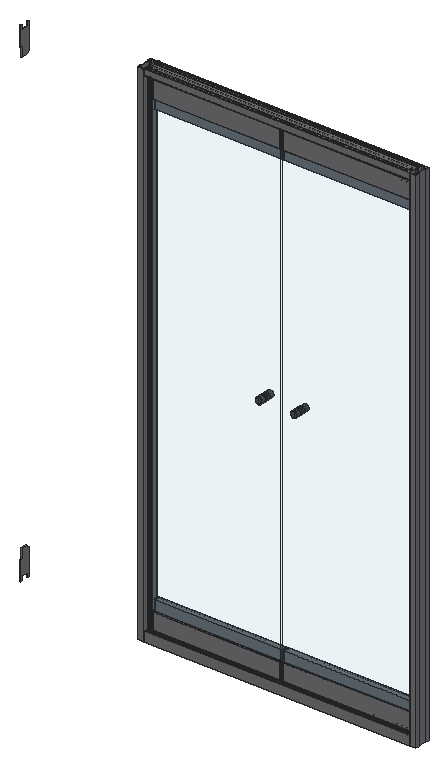
Revit family "QFL2 2380", category Doors, host Wall, Revit 2024
Family settings
  Host = Wall
  OmniClass Number = 23.30.10.00
  OmniClass Title = Doors
  Always vertical = Yes
  Cut with Voids When Loaded = No
  Shared = No
  Room Calculation Point = No
Parameters
  Function = Interior
  Frame Projection Ext. = 25 mm
  Frame Projection Int. = 25 mm
  Frame Width = 75 mm
  Height = 2383 mm
  Wall Closure = By host
  Width = 1292 mm
  Define Thermal Properties by = Schematic Type
  Analytic Construction = "<None>"
Reference planes
  plane 1: y = 0
  plane 2 "Center (Left/Right)": x = 0
  plane 3 "Left": x = -646
  plane 4 "Right": x = 646
  plane 5: z = 2383
  plane 6 "Exterior": y = 75
  plane 7 "Interior": y = -75
Forms (mm)
  Extrusion 1, solid, material "ALUMINIUM CHAR (TEST)"
    sketch origin (-0.37, 0, 0) x (1, 0, 0) y (0, 1, 0)
      loop
        line (646.37, 37.5) -> (616.37, 37.5) -> (616.37, 34.4) -> (617.37, 34.4) -> (617.37, 35.9) -> (618.87, 35.9) -> (618.87, 28.3) -> (617.37, 28.3) -> (617.37, 29.8) -> (616.37, 29.8) -> (616.37, 1.2) -> (617.37, 1.2) -> (617.37, 2.7) -> (618.87, 2.7) -> (618.87, -4.9) -> (617.37, -4.9) -> (617.37, -3.4) -> (616.37, -3.4) -> (616.37, -13.1) -> (612.37, -13.1) -> (612.37, -11)
        arc (612.37, -11) -> (612.224, -10.646) -> (611.87, -10.5) r 0.5
        line (611.87, -10.5) -> (609.12, -10.5) -> (609.12, -11.5) -> (610.72, -11.5) -> (610.72, -13.1) -> (603.02, -13.1) -> (603.02, -11.5) -> (604.62, -11.5) -> (604.62, -10.5) -> (601.87, -10.5)
        arc (601.87, -10.5) -> (601.517, -10.646) -> (601.37, -11) r 0.5
        line (601.37, -11) -> (601.37, -14.4)
        arc (601.37, -14.4) -> (601.517, -14.754) -> (601.87, -14.9) r 0.5
        line (601.87, -14.9) -> (616.37, -14.9) -> (616.37, -37.5) -> (646.37, -37.5) -> (646.37, -22) -> (644.87, -22) -> (644.87, -24.5) -> (641.87, -24.5) -> (641.87, 24.5) -> (644.87, 24.5) -> (644.87, 22) -> (646.37, 22) -> (646.37, 37.5)
      loop
        line (644.37, 26.3) -> (644.37, 35.5) -> (620.67, 35.5) -> (620.67, 27.7)
        arc (620.67, 27.7) -> (620.377, 26.993) -> (619.67, 26.7) r 1
        line (619.67, 26.7) -> (618.37, 26.7) -> (618.37, 4.3) -> (619.67, 4.3)
        arc (619.67, 4.3) -> (620.377, 4.007) -> (620.67, 3.3) r 1
        line (620.67, 3.3) -> (620.67, -5.5)
        arc (620.67, -5.5) -> (620.377, -6.207) -> (619.67, -6.5) r 1
        line (619.67, -6.5) -> (618.17, -6.5) -> (618.17, -35.5) -> (644.37, -35.5) -> (644.37, -26.3) -> (641.47, -26.3)
        arc (641.47, -26.3) -> (640.48, -25.89) -> (640.07, -24.9) r 1.4
        line (640.07, -24.9) -> (640.07, 24.9)
        arc (640.07, 24.9) -> (640.48, 25.89) -> (641.47, 26.3) r 1.4
        line (641.47, 26.3) -> (644.37, 26.3)
      loop
        line (-645.63, 37.5) -> (-645.63, 22) -> (-644.13, 22) -> (-644.13, 24.5) -> (-641.13, 24.5) -> (-641.13, -24.5) -> (-644.13, -24.5) -> (-644.13, -22) -> (-645.63, -22) -> (-645.63, -37.5) -> (-615.63, -37.5) -> (-615.63, -14.9) -> (-601.13, -14.9)
        arc (-601.13, -14.9) -> (-600.776, -14.754) -> (-600.63, -14.4) r 0.5
        line (-600.63, -14.4) -> (-600.63, -11)
        arc (-600.63, -11) -> (-600.776, -10.646) -> (-601.13, -10.5) r 0.5
        line (-601.13, -10.5) -> (-603.88, -10.5) -> (-603.88, -11.5) -> (-602.28, -11.5) -> (-602.28, -13.1) -> (-609.98, -13.1) -> (-609.98, -11.5) -> (-608.38, -11.5) -> (-608.38, -10.5) -> (-611.13, -10.5)
        arc (-611.13, -10.5) -> (-611.483, -10.646) -> (-611.63, -11) r 0.5
        line (-611.63, -11) -> (-611.63, -13.1) -> (-615.63, -13.1) -> (-615.63, -3.4) -> (-616.63, -3.4) -> (-616.63, -4.9) -> (-618.13, -4.9) -> (-618.13, 2.7) -> (-616.63, 2.7) -> (-616.63, 1.2) -> (-615.63, 1.2) -> (-615.63, 29.8) -> (-616.63, 29.8) -> (-616.63, 28.3) -> (-618.13, 28.3) -> (-618.13, 35.9) -> (-616.63, 35.9) -> (-616.63, 34.4) -> (-615.63, 34.4) -> (-615.63, 37.5) -> (-645.63, 37.5)
      loop
        line (-643.63, 26.3) -> (-640.73, 26.3)
        arc (-640.73, 26.3) -> (-639.74, 25.89) -> (-639.33, 24.9) r 1.4
        line (-639.33, 24.9) -> (-639.33, -24.9)
        arc (-639.33, -24.9) -> (-639.74, -25.89) -> (-640.73, -26.3) r 1.4
        line (-640.73, -26.3) -> (-643.63, -26.3) -> (-643.63, -35.5) -> (-617.43, -35.5) -> (-617.43, -6.5) -> (-618.93, -6.5)
        arc (-618.93, -6.5) -> (-619.637, -6.207) -> (-619.93, -5.5) r 1
        line (-619.93, -5.5) -> (-619.93, 3.3)
        arc (-619.93, 3.3) -> (-619.637, 4.007) -> (-618.93, 4.3) r 1
        line (-618.93, 4.3) -> (-617.63, 4.3) -> (-617.63, 26.7) -> (-618.93, 26.7)
        arc (-618.93, 26.7) -> (-619.637, 26.993) -> (-619.93, 27.7) r 1
        line (-619.93, 27.7) -> (-619.93, 35.5) -> (-643.63, 35.5) -> (-643.63, 26.3)
    from 0 to 2383
  Extrusion 2, solid, material "ALUMINIUM CHAR (TEST)"
    sketch origin (-943.37, 0, 0) x (0, -1, 0) y (0, 0, 1)
      loop
        line (-36.55, 18) -> (-36.55, 20.5) -> (-37.5, 20.5) -> (-37.5, 0) -> (-35.5, 0) -> (-35.5, 2) -> (-13.5, 2) -> (-13.5, 0) -> (-11.5, 0) -> (-11.5, 2) -> (10.5, 2) -> (10.5, 0) -> (12.5, 0) -> (12.5, 2) -> (35.5, 2) -> (35.5, 0) -> (37.5, 0) -> (37.5, 44.5)
        arc (37.5, 44.5) -> (37.354, 44.854) -> (37, 45) r 0.5
        line (37, 45) -> (32.199, 45) -> (31.492, 44.5) -> (26.524, 44.5) -> (25.817, 45) -> (22.199, 45) -> (21.492, 44.5) -> (16.524, 44.5) -> (15.817, 44.999) -> (11.001, 44.999)
        arc (11.001, 44.999) -> (10.648, 44.853) -> (10.502, 44.501) r 0.499
        line (10.502, 44.501) -> (10.502, 41.75) -> (11.5, 41.75) -> (11.5, 43.35) -> (13.1, 43.35) -> (13.1, 35.65) -> (11.5, 35.65) -> (11.5, 37.25) -> (10.5, 37.25) -> (10.5, 11.9)
        arc (10.5, 11.9) -> (10.061, 10.839) -> (9, 10.4) r 1.5
        line (9, 10.4) -> (3, 10.4)
        arc (3, 10.4) -> (1.939, 10.839) -> (1.5, 11.9) r 1.5
        line (1.5, 11.9) -> (1.5, 20)
        arc (1.5, 20) -> (0.851, 21.475) -> (-0.674, 21.992) r 2
        line (-0.674, 21.992) -> (-9.95, 20.504) -> (-9.95, 18) -> (-36.55, 18)
      loop
        line (10.5, 4.2) -> (10.5, 8.4) -> (3, 8.4)
        arc (3, 8.4) -> (0.525, 9.425) -> (-0.5, 11.9) r 3.5
        line (-0.5, 11.9) -> (-0.5, 20.057) -> (-7.95, 18.629) -> (-7.95, 16) -> (-35.5, 16) -> (-35.5, 4.2) -> (10.5, 4.2)
      loop
        line (12.5, 4.2) -> (35.5, 4.2) -> (35.5, 43) -> (15.1, 43) -> (15.1, 34) -> (12.5, 34) -> (12.5, 4.2)
      loop
        arc (-37.5, 2354) -> (-37.207, 2353.293) -> (-36.5, 2353) r 1
        line (-36.5, 2353) -> (-34.25, 2353) -> (-34.25, 2354) -> (-35.85, 2354) -> (-35.85, 2355.6) -> (-28.15, 2355.6) -> (-28.15, 2354) -> (-29.75, 2354) -> (-29.75, 2353) -> (-25.9, 2353)
        arc (-25.9, 2353) -> (-24.486, 2353.586) -> (-23.9, 2355) r 2
        line (-23.9, 2355) -> (-23.9, 2376.2)
        arc (-23.9, 2376.2) -> (-23.754, 2376.554) -> (-23.4, 2376.7) r 0.5
        line (-23.4, 2376.7) -> (-6.85, 2376.7) -> (-6.85, 2355)
        arc (-6.85, 2355) -> (-6.264, 2353.586) -> (-4.85, 2353) r 2
        line (-4.85, 2353) -> (13.1, 2353) -> (13.1, 2349) -> (11, 2349)
        arc (11, 2349) -> (10.646, 2348.854) -> (10.5, 2348.5) r 0.5
        line (10.5, 2348.5) -> (10.5, 2345.75) -> (11.5, 2345.75) -> (11.5, 2347.35) -> (13.1, 2347.35) -> (13.1, 2339.65) -> (11.5, 2339.65) -> (11.5, 2341.25) -> (10.5, 2341.25) -> (10.5, 2338.5)
        arc (10.5, 2338.5) -> (10.646, 2338.146) -> (11, 2338) r 0.5
        line (11, 2338) -> (14.4, 2338)
        arc (14.4, 2338) -> (14.754, 2338.146) -> (14.9, 2338.5) r 0.5
        line (14.9, 2338.5) -> (14.9, 2353) -> (36.5, 2353)
        arc (36.5, 2353) -> (37.207, 2353.293) -> (37.5, 2354) r 1
        line (37.5, 2354) -> (37.5, 2383) -> (22, 2383) -> (22, 2381.5) -> (24.5, 2381.5) -> (24.5, 2378.5) -> (-24.5, 2378.5) -> (-24.5, 2381.5) -> (-22, 2381.5) -> (-22, 2383) -> (-25.4, 2383)
        arc (-25.4, 2383) -> (-26.107, 2382.707) -> (-26.4, 2382) r 1
        line (-26.4, 2382) -> (-26.4, 2370.5)
        arc (-26.4, 2370.5) -> (-26.546, 2370.146) -> (-26.9, 2370) r 0.5
        line (-26.9, 2370) -> (-35, 2370)
        arc (-35, 2370) -> (-35.354, 2370.146) -> (-35.5, 2370.5) r 0.5
        line (-35.5, 2370.5) -> (-35.5, 2380.5)
        arc (-35.5, 2380.5) -> (-35.354, 2380.854) -> (-35, 2381) r 0.5
        line (-35, 2381) -> (-33.5, 2381) -> (-33.5, 2383) -> (-36.5, 2383)
        arc (-36.5, 2383) -> (-37.207, 2382.707) -> (-37.5, 2382) r 1
        line (-37.5, 2382) -> (-37.5, 2354)
      loop
        line (35.5, 2355) -> (35.5, 2381) -> (26.3, 2381) -> (26.3, 2378.1)
        arc (26.3, 2378.1) -> (25.89, 2377.11) -> (24.9, 2376.7) r 1.4
        line (24.9, 2376.7) -> (-4.85, 2376.7) -> (-4.85, 2355.5)
        arc (-4.85, 2355.5) -> (-4.704, 2355.146) -> (-4.35, 2355) r 0.5
        line (-4.35, 2355) -> (35.5, 2355)
      loop
        line (-26.4, 2357.2) -> (-26.4, 2367.5)
        arc (-26.4, 2367.5) -> (-26.546, 2367.854) -> (-26.9, 2368) r 0.5
        line (-26.9, 2368) -> (-35, 2368)
        arc (-35, 2368) -> (-35.354, 2367.854) -> (-35.5, 2367.5) r 0.5
        line (-35.5, 2367.5) -> (-35.5, 2357.2) -> (-26.4, 2357.2)
    from -1559.37 to -327.37
  Extrusion 3, solid, material "ALUMINIUM CHAR (TEST)"
    sketch origin (-1209, 0, 0) x (0, -1, 0) y (0, 0, 1)
      loop
        line (-33.496, 156) -> (-33.496, 31) -> (-28.596, 31) -> (-28.596, 51) -> (5.604, 51) -> (5.604, 31) -> (10.504, 31) -> (10.504, 121) -> (2.504, 121) -> (2.504, 166) -> (-23.496, 166) -> (-33.496, 156)
      loop
        line (-33.496, 2344) -> (-33.496, 2219) -> (-23.496, 2209) -> (2.504, 2209) -> (2.504, 2254) -> (10.504, 2254) -> (10.504, 2344) -> (5.604, 2344) -> (5.604, 2324) -> (-28.596, 2324) -> (-28.596, 2344) -> (-33.496, 2344)
    from 0 to 5
  Extrusion 4, solid, material "ALUMINIUM CHAR (TEST)"
    sketch origin (6, 0, 0) x (0, -1, 0) y (0, 0, 1)
      loop
        line (-33.496, 156) -> (-33.496, 31) -> (-28.596, 31) -> (-28.596, 51) -> (5.604, 51) -> (5.604, 31) -> (10.504, 31) -> (10.504, 121) -> (2.504, 121) -> (2.504, 166) -> (-23.496, 166) -> (-33.496, 156)
      loop
        line (-33.496, 2344) -> (-33.496, 2219) -> (-23.496, 2209) -> (2.504, 2209) -> (2.504, 2254) -> (10.504, 2254) -> (10.504, 2344) -> (5.604, 2344) -> (5.604, 2324) -> (-28.596, 2324) -> (-28.596, 2344) -> (-33.496, 2344)
    from 0 to 5
  Extrusion 5, solid, material "ALUMINIUM CHAR (TEST)"
    sketch origin (595, 0, 0) x (0, -1, 0) y (0, 0, 1)
      loop
        line (10.504, 2344) -> (8.704, 2344) -> (8.704, 2342) -> (5.604, 2342) -> (5.604, 2340.4) -> (8.754, 2340.4) -> (8.754, 2328.033) -> (8.2, 2326.985) -> (8.2, 2324) -> (-31.196, 2324) -> (-31.196, 2326.92) -> (-31.705, 2327.883) -> (-31.705, 2340.4) -> (-28.596, 2340.4) -> (-28.596, 2342) -> (-31.696, 2342) -> (-31.696, 2344) -> (-33.496, 2344) -> (-33.496, 2219) -> (-23.496, 2209) -> (2.504, 2209) -> (2.504, 2254) -> (10.504, 2254) -> (10.504, 2344)
      loop
        line (8.714, 2256) -> (8.714, 2322.2) -> (-31.705, 2322.2) -> (-31.705, 2220.038) -> (-22.467, 2210.8) -> (0.504, 2210.8) -> (0.504, 2256) -> (8.714, 2256)
      loop
        line (10.504, 31) -> (10.504, 121) -> (2.504, 121) -> (2.504, 166) -> (-23.496, 166) -> (-33.496, 156) -> (-33.496, 31) -> (-31.696, 31) -> (-31.696, 33) -> (-28.596, 33) -> (-28.596, 34.6) -> (-31.705, 34.6) -> (-31.705, 47.117) -> (-31.196, 48.08) -> (-31.196, 51) -> (8.2, 51) -> (8.2, 48.015) -> (8.754, 46.967) -> (8.754, 34.6) -> (5.604, 34.6) -> (5.604, 33) -> (8.704, 33) -> (8.704, 31) -> (10.504, 31)
      loop
        line (8.714, 119) -> (0.504, 119) -> (0.504, 164.2) -> (-22.467, 164.2) -> (-31.705, 154.962) -> (-31.705, 52.8) -> (8.714, 52.8) -> (8.714, 119)
    from -1 to 589
  Extrusion 6, solid, material "Glass"
    sketch origin (-39, 0, 0) x (0, -1, 0) y (0, 0, 1)
      loop
        line (2.504, 121) -> (12.504, 121) -> (12.504, 2254) -> (2.504, 2254) -> (2.504, 121)
    from -640 to -40
  Extrusion 7, solid, material "ALUMINIUM CHAR (TEST)"
    sketch origin (596, 0, 0) x (0, -1, 0) y (0, 0, -1)
      loop
        line (-33.496, -156) -> (-23.496, -166) -> (2.504, -166) -> (2.504, -121) -> (10.504, -121) -> (10.504, -31) -> (5.604, -31) -> (5.604, -51) -> (-28.596, -51) -> (-28.596, -31) -> (-33.496, -31) -> (-33.496, -156)
      loop
        line (-33.496, -2344) -> (-28.596, -2344) -> (-28.596, -2324) -> (5.604, -2324) -> (5.604, -2344) -> (10.504, -2344) -> (10.504, -2254) -> (2.504, -2254) -> (2.504, -2209) -> (-23.496, -2209) -> (-33.496, -2219) -> (-33.496, -2344)
    from 0 to 5
  Extrusion 8, solid, material "ALUMINIUM CHAR (TEST)"
    sketch origin (-6, 0, 0) x (0, -1, 0) y (0, 0, -1)
      loop
        line (-33.496, -156) -> (-23.496, -166) -> (2.504, -166) -> (2.504, -121) -> (10.504, -121) -> (10.504, -31) -> (5.604, -31) -> (5.604, -51) -> (-28.596, -51) -> (-28.596, -31) -> (-33.496, -31) -> (-33.496, -156)
      loop
        line (-33.496, -2344) -> (-28.596, -2344) -> (-28.596, -2324) -> (5.604, -2324) -> (5.604, -2344) -> (10.504, -2344) -> (10.504, -2254) -> (2.504, -2254) -> (2.504, -2209) -> (-23.496, -2209) -> (-33.496, -2219) -> (-33.496, -2344)
    from 0 to 5
  Extrusion 9, solid, material "ALUMINIUM CHAR (TEST)"
    sketch origin (-595, 0, 0) x (0, -1, 0) y (0, 0, -1)
      loop
        line (10.504, -2344) -> (10.504, -2254) -> (2.504, -2254) -> (2.504, -2209) -> (-23.496, -2209) -> (-33.496, -2219) -> (-33.496, -2344) -> (-31.696, -2344) -> (-31.696, -2342) -> (-28.596, -2342) -> (-28.596, -2340.4) -> (-31.705, -2340.4) -> (-31.705, -2327.883) -> (-31.196, -2326.92) -> (-31.196, -2324) -> (8.2, -2324) -> (8.2, -2326.985) -> (8.754, -2328.033) -> (8.754, -2340.4) -> (5.604, -2340.4) -> (5.604, -2342) -> (8.704, -2342) -> (8.704, -2344) -> (10.504, -2344)
      loop
        line (8.714, -2256) -> (0.504, -2256) -> (0.504, -2210.8) -> (-22.467, -2210.8) -> (-31.705, -2220.038) -> (-31.705, -2322.2) -> (8.714, -2322.2) -> (8.714, -2256)
      loop
        line (10.504, -31) -> (8.704, -31) -> (8.704, -33) -> (5.604, -33) -> (5.604, -34.6) -> (8.754, -34.6) -> (8.754, -46.967) -> (8.2, -48.015) -> (8.2, -51) -> (-31.196, -51) -> (-31.196, -48.08) -> (-31.705, -47.117) -> (-31.705, -34.6) -> (-28.596, -34.6) -> (-28.596, -33) -> (-31.696, -33) -> (-31.696, -31) -> (-33.496, -31) -> (-33.496, -156) -> (-23.496, -166) -> (2.504, -166) -> (2.504, -121) -> (10.504, -121) -> (10.504, -31)
      loop
        line (8.714, -119) -> (8.714, -52.8) -> (-31.705, -52.8) -> (-31.705, -154.962) -> (-22.467, -164.2) -> (0.504, -164.2) -> (0.504, -119) -> (8.714, -119)
    from -1 to 589
  Extrusion 10, solid, material "Glass"
    sketch origin (39, 0, 0) x (0, -1, 0) y (0, 0, -1)
      loop
        line (2.504, -121) -> (2.504, -2254) -> (12.504, -2254) -> (12.504, -121) -> (2.504, -121)
    from -640 to -40
  Extrusion 11, solid, material "ALUMINIUM CHAR (TEST)"
    sketch origin (-596, 0, 0) x (0, -1, 0) y (0, 0, 1)
      loop
        line (-33.496, 156) -> (-33.496, 31) -> (-28.596, 31) -> (-28.596, 51) -> (5.604, 51) -> (5.604, 31) -> (10.504, 31) -> (10.504, 121) -> (2.504, 121) -> (2.504, 166) -> (-23.496, 166) -> (-33.496, 156)
      loop
        line (-33.496, 2344) -> (-33.496, 2219) -> (-23.496, 2209) -> (2.504, 2209) -> (2.504, 2254) -> (10.504, 2254) -> (10.504, 2344) -> (5.604, 2344) -> (5.604, 2324) -> (-28.596, 2324) -> (-28.596, 2344) -> (-33.496, 2344)
    from 0 to 5
  Revolve 12, solid, material "Metal, Powder Coated, Black"
    sketch origin (81.5, -153.753, 169.823) x (0, 1, 0) y (0, 0, 1)
      loop
        line (151.249, 1021.677) -> (181.249, 1021.677) -> (181.249, 1035.677) -> (180.249, 1036.677) -> (164.249, 1036.677) -> (159.249, 1031.677) -> (154.249, 1036.677) -> (151.249, 1036.677) -> (151.249, 1021.677)
      axis (181.249, 1021.677) -> (151.249, 1021.677)
    angle from 0 to 360
  Revolve 13, solid, material "Metal, Powder Coated, Black"
    sketch origin (-81.5, 140.744, 169.823) x (0, -1, 0) y (0, 0, 1)
      loop
        line (151.249, 1021.677) -> (181.249, 1021.677) -> (181.249, 1035.677) -> (180.249, 1036.677) -> (164.249, 1036.677) -> (159.249, 1031.677) -> (154.249, 1036.677) -> (151.249, 1036.677) -> (151.249, 1021.677)
      axis (181.249, 1021.677) -> (151.249, 1021.677)
    angle from 0 to 360
  Revolve 14, solid, material "Metal, Powder Coated, Black"
    sketch origin (81.5, 140.744, -115.177) x (0, -1, 0) y (0, 0, -1)
      loop
        line (151.249, -1306.677) -> (151.249, -1321.677) -> (154.249, -1321.677) -> (159.249, -1316.677) -> (164.249, -1321.677) -> (180.249, -1321.677) -> (181.249, -1320.677) -> (181.249, -1306.677) -> (151.249, -1306.677)
      axis (181.249, -1306.677) -> (151.249, -1306.677)
    angle from 0 to 360
  Revolve 15, solid, material "Metal, Powder Coated, Black"
    sketch origin (-81.5, -153.753, -115.177) x (0, 1, 0) y (0, 0, -1)
      loop
        line (151.249, -1306.677) -> (151.249, -1321.677) -> (154.249, -1321.677) -> (159.249, -1316.677) -> (164.249, -1321.677) -> (180.249, -1321.677) -> (181.249, -1320.677) -> (181.249, -1306.677) -> (151.249, -1306.677)
      axis (181.249, -1306.677) -> (151.249, -1306.677)
    angle from 0 to 360
Lines and regions (mm)
  Opening 1
    outline origin (-3050, -75, 0) x (1, 0, 0) y (0, 0, 1)
      loop
        line (2404, 0) -> (3696, 0) -> (3696, 2383) -> (2404, 2383) -> (2404, 0)
  model lines
    curve 1: line (606.5, 33.496, 2344) -> (1, 33.496, 1191.5)
    curve 2: line (1, 33.496, 1191.5) -> (606.5, 33.496, 31)
    curve 3: line (-606.5, 33.496, 2344) -> (-1, 33.496, 1191.466)
    curve 4: line (-1, 33.496, 1191.466) -> (-606.5, 33.496, 31)
    curve 5: line (-616, 36.55, 0) -> (-616, 648.496, 0)
    curve 6: arc (-1, 33.496, 0) -> (-181.129, 468.366, 0) -> (-616, 648.496, 0) r 615
    curve 7: line (616, 36.55, 0) -> (616, 648.496, 0)
    curve 8: arc (1, 33.496, 0) -> (181.129, 468.366, 0) -> (616, 648.496, 0) r 615
Text (mm)
  text "Exterior" at (-2295.016, 1099.543, 0), in view "Ref. Level"
  text "Exterior" at (0, 1615.38, 3698.081), in view "Left"
  text "Exterior" at (0, 1036.032, 3874.932), in view "Right"
Dimensions and locks
  equal spacing: plane 3 "Left", plane 2 "Center (Left/Right)", plane 4 "Right"
  "Width": plane 3 "Left" to plane 4 "Right"
  "Height": plane 5 to host wall
  host wall to plane 5 = 2383 mm  (x2)
  locked: plane 6 "Exterior" to host wall
  locked: plane 7 "Interior" to host wall
  plane 3 "Left" to plane 4 "Right" = 1292 mm
  aligned and locked: plane 3 "Left" to Opening 1 sketch curve
  aligned and locked: plane 5 to Opening 1 sketch curve  (x2)
  aligned and locked: Opening 1 sketch curve to plane 4 "Right"
  aligned and locked: Opening 1 sketch curve to level
  aligned and locked: plane 1 to host wall
Automatic sketch dimensions
  Extrusion 1 sketch curve to plane 3 "Left" = 0 mm  (x2)
  Extrusion 1 sketch curve to plane 4 "Right" = 0 mm  (x2)
  Extrusion 1 sketch curve to plane 3 "Left" = 1.5 mm  (x2)
  Extrusion 1 sketch curve to Extrusion 1 sketch curve = 0.5 mm  (x9)
  Extrusion 1 sketch curve to plane 3 "Left" = 2 mm
  Extrusion 1 sketch curve to Extrusion 1 sketch curve = 3 mm
  Extrusion 1 sketch curve to Extrusion 1 sketch curve = 0.4 mm  (x7)
  Extrusion 1 sketch curve to Extrusion 1 sketch curve = 1.4 mm  (x3)
  Extrusion 1 sketch curve to Extrusion 1 sketch curve = 19.4 mm
  Extrusion 1 sketch curve to host wall = 3.3 mm
  Extrusion 1 sketch curve to Extrusion 1 sketch curve = 0 mm  (x3)
  Extrusion 1 sketch curve to Extrusion 1 sketch curve = 1 mm  (x13)
  Extrusion 1 sketch curve to Extrusion 1 sketch curve = 0.8 mm  (x3)
  Extrusion 1 sketch curve to Extrusion 1 sketch curve = 1.3 mm  (x4)
  Extrusion 1 sketch curve to Extrusion 1 sketch curve = 21.9 mm
  Extrusion 1 sketch curve to Extrusion 1 sketch curve = 1.5 mm  (x13)
  Extrusion 1 sketch curve to Extrusion 1 sketch curve = 1.8 mm  (x6)
  Extrusion 1 sketch curve to Extrusion 1 sketch curve = 4 mm  (x2)
  Extrusion 1 sketch curve to Extrusion 1 sketch curve = 1.15 mm  (x5)
  Extrusion 1 sketch curve to Extrusion 1 sketch curve = 1.6 mm  (x10)
  Extrusion 1 sketch curve to Extrusion 1 sketch curve = 4.5 mm  (x3)
  host wall to Extrusion 1 sketch curve = 14.4 mm
  plane 4 "Right" to Extrusion 1 sketch curve = 45 mm
  Extrusion 1 sketch curve to Extrusion 1 sketch curve = 1.65 mm
  plane 4 "Right" to Extrusion 1 sketch curve = 30 mm
  Extrusion 1 sketch curve to host wall = 1.2 mm  (x2)
  plane 4 "Right" to Extrusion 1 sketch curve = 6.3 mm
  plane 4 "Right" to Extrusion 1 sketch curve = 2 mm  (x2)
  plane 4 "Right" to Extrusion 1 sketch curve = 1.5 mm  (x2)
  host wall to Extrusion 1 sketch curve = 22 mm  (x2)
  Extrusion 1 sketch curve to Extrusion 1 sketch curve = 2.5 mm  (x4)
  Extrusion 1 sketch curve to Extrusion 1 sketch curve = 9.2 mm  (x2)
  Extrusion 1 sketch curve to Extrusion 1 sketch curve = 20.6 mm
  Extrusion 1 sketch curve to Extrusion 1 sketch curve = 2 mm  (x4)
  host wall to Extrusion 1 sketch curve = 14.9 mm
  host wall to Extrusion 1 sketch curve = 6.5 mm  (x2)
  Extrusion 1 sketch curve to Extrusion 1 sketch curve = 0.6 mm  (x4)
  Extrusion 1 sketch curve to host wall = 22 mm  (x2)
  Extrusion 1 sketch curve to Extrusion 1 sketch curve = 4.6 mm  (x2)
  Extrusion 1 sketch curve to Extrusion 1 sketch curve = 1.1 mm
  Extrusion 2 sketch curve to Extrusion 2 sketch curve = 0 mm  (x12)
  Extrusion 2 sketch curve to level = 0 mm  (x4)
  plane 5 to Extrusion 2 sketch curve = 0 mm  (x3)
  Extrusion 2 sketch curve to host wall = 37.5 mm  (x2)
  plane 5 to Extrusion 2 sketch curve = 29 mm
  Extrusion 2 sketch curve to Extrusion 2 sketch curve = 0.95 mm
  Extrusion 2 sketch curve to Extrusion 2 sketch curve = 1 mm  (x12)
  Extrusion 2 sketch curve to Extrusion 2 sketch curve = 0.65 mm
  Extrusion 2 sketch curve to Extrusion 2 sketch curve = 0.35 mm  (x2)
  Extrusion 2 sketch curve to Extrusion 2 sketch curve = 1.05 mm
  Extrusion 2 sketch curve to Extrusion 2 sketch curve = 2 mm  (x9)
  Extrusion 2 sketch curve to Extrusion 2 sketch curve = 0.5 mm  (x13)
  Extrusion 2 sketch curve to Extrusion 2 sketch curve = 1.6 mm  (x9)
  Extrusion 2 sketch curve to Extrusion 2 sketch curve = 1.5 mm  (x8)
  Extrusion 2 sketch curve to Extrusion 2 sketch curve = 4.5 mm  (x3)
  Extrusion 2 sketch curve to Extrusion 2 sketch curve = 8.1 mm  (x2)
  Extrusion 2 sketch curve to Extrusion 2 sketch curve = 0.9 mm
  Extrusion 2 sketch curve to Extrusion 2 sketch curve = 0.6 mm
  Extrusion 2 sketch curve to Extrusion 2 sketch curve = 2.5 mm  (x3)
  level to Extrusion 2 sketch curve = 2 mm  (x3)
  Extrusion 2 sketch curve to host wall = 13.5 mm
  Extrusion 2 sketch curve to host wall = 9.95 mm
  Extrusion 2 sketch curve to host wall = 6.85 mm
  Extrusion 2 sketch curve to host wall = 0.674 mm
  Extrusion 2 sketch curve to host wall = 0.5 mm
  host wall to Extrusion 2 sketch curve = 1.5 mm
  Extrusion 2 sketch curve to Extrusion 2 sketch curve = 6 mm
  host wall to Extrusion 2 sketch curve = 10.5 mm  (x2)
  Extrusion 2 sketch curve to Extrusion 2 sketch curve = 0.002 mm
  Extrusion 2 sketch curve to Extrusion 2 sketch curve = 0.499 mm
  Extrusion 2 sketch curve to Extrusion 2 sketch curve = 0.998 mm
  Extrusion 2 sketch curve to Extrusion 2 sketch curve = 1.3 mm
  Extrusion 2 sketch curve to Extrusion 2 sketch curve = 0.717 mm
  Extrusion 2 sketch curve to Extrusion 2 sketch curve = 0.707 mm  (x4)
  Extrusion 2 sketch curve to Extrusion 2 sketch curve = 4.968 mm  (x2)
  plane 5 to Extrusion 2 sketch curve = 1.5 mm
  host wall to Extrusion 2 sketch curve = 22 mm
  Extrusion 2 sketch curve to Extrusion 2 sketch curve = 0.4 mm  (x2)
  Extrusion 2 sketch curve to Extrusion 2 sketch curve = 3.617 mm
  Extrusion 2 sketch curve to Extrusion 2 sketch curve = 1.4 mm
  Extrusion 2 sketch curve to Extrusion 2 sketch curve = 23 mm
  Extrusion 2 sketch curve to Extrusion 2 sketch curve = 20.6 mm
  Extrusion 2 sketch curve to Extrusion 2 sketch curve = 3.301 mm
  Extrusion 2 sketch curve to Extrusion 2 sketch curve = 2.2 mm  (x2)
  level to Extrusion 2 sketch curve = 8.4 mm
  Extrusion 2 sketch curve to Extrusion 2 sketch curve = 4.1 mm
  Extrusion 2 sketch curve to Extrusion 2 sketch curve = 0.629 mm
  Extrusion 2 sketch curve to Extrusion 2 sketch curve = 0.057 mm
  Extrusion 2 sketch curve to Extrusion 2 sketch curve = 2.504 mm
  Extrusion 2 sketch curve to Extrusion 2 sketch curve = 14 mm
  Extrusion 2 sketch curve to Extrusion 2 sketch curve = 1.65 mm
  Extrusion 2 sketch curve to Extrusion 2 sketch curve = 9 mm
  Extrusion 2 sketch curve to Extrusion 2 sketch curve = 1.151 mm
  Extrusion 2 sketch curve to Extrusion 2 sketch curve = 43.5 mm
  Extrusion 2 sketch curve to Extrusion 2 sketch curve = 1.15 mm  (x2)
  Extrusion 2 sketch curve to Extrusion 2 sketch curve = 4 mm
  Extrusion 2 sketch curve to Extrusion 2 sketch curve = 10.3 mm
  Extrusion 2 sketch curve to Extrusion 2 sketch curve = 5.8 mm
  plane 5 to Extrusion 2 sketch curve = 2 mm
  Extrusion 3 sketch curve to host wall = 33.496 mm  (x2)
  Extrusion 3 sketch curve to Extrusion 3 sketch curve = 4.9 mm  (x3)
  Extrusion 3 sketch curve to Extrusion 3 sketch curve = 10 mm  (x4)
  host wall to Extrusion 3 sketch curve = 2.504 mm  (x2)
  host wall to Extrusion 3 sketch curve = 5.604 mm  (x2)
  Extrusion 3 sketch curve to Extrusion 3 sketch curve = 8 mm
  level to Extrusion 3 sketch curve = 31 mm  (x2)
  Extrusion 3 sketch curve to Extrusion 3 sketch curve = 20 mm  (x3)
  Extrusion 3 sketch curve to Extrusion 3 sketch curve = 70 mm
  Extrusion 3 sketch curve to Extrusion 3 sketch curve = 35 mm
  plane 5 to Extrusion 3 sketch curve = 174 mm
  Extrusion 3 sketch curve to Extrusion 3 sketch curve = 45 mm
  plane 5 to Extrusion 3 sketch curve = 59 mm
  Extrusion 4 sketch curve to host wall = 33.496 mm  (x2)
  Extrusion 4 sketch curve to Extrusion 4 sketch curve = 4.9 mm  (x3)
  Extrusion 4 sketch curve to Extrusion 4 sketch curve = 10 mm  (x4)
  host wall to Extrusion 4 sketch curve = 2.504 mm  (x2)
  host wall to Extrusion 4 sketch curve = 5.604 mm  (x2)
  Extrusion 4 sketch curve to Extrusion 4 sketch curve = 8 mm
  level to Extrusion 4 sketch curve = 31 mm  (x2)
  Extrusion 4 sketch curve to Extrusion 4 sketch curve = 20 mm  (x3)
  Extrusion 4 sketch curve to Extrusion 4 sketch curve = 70 mm
  Extrusion 4 sketch curve to Extrusion 4 sketch curve = 35 mm
  plane 5 to Extrusion 4 sketch curve = 174 mm
  Extrusion 4 sketch curve to Extrusion 4 sketch curve = 45 mm
  plane 5 to Extrusion 4 sketch curve = 59 mm
  curve 4 to plane 2 "Center (Left/Right)" = 1 mm
  plane 2 "Center (Left/Right)" to curve 2 = 1 mm
  level to curve 4 = 1191.466 mm
  curve 3 to curve 2 = 0.034 mm
  curve 4 to plane 3 "Left" = 39.5 mm
  curve 3 to plane 3 "Left" = 39.5 mm
  plane 4 "Right" to curve 2 = 39.5 mm
  plane 4 "Right" to curve 1 = 39.5 mm
  level to curve 4 = 31 mm
  level to curve 2 = 31 mm
  plane 5 to curve 3 = 39 mm
  plane 5 to curve 1 = 39 mm
  Extrusion 5 sketch curve to host wall = 33.496 mm  (x2)
  Extrusion 5 sketch curve to Extrusion 5 sketch curve = 1.79 mm  (x4)
  Extrusion 5 sketch curve to Extrusion 5 sketch curve = 0 mm
  Extrusion 5 sketch curve to Extrusion 5 sketch curve = 0.01 mm
  Extrusion 5 sketch curve to Extrusion 5 sketch curve = 1.8 mm  (x6)
  Extrusion 5 sketch curve to Extrusion 5 sketch curve = 0.51 mm  (x2)
  Extrusion 5 sketch curve to Extrusion 5 sketch curve = 3.11 mm  (x2)
  Extrusion 5 sketch curve to Extrusion 5 sketch curve = 8.21 mm  (x2)
  Extrusion 5 sketch curve to Extrusion 5 sketch curve = 1.028 mm  (x2)
  host wall to Extrusion 5 sketch curve = 0.504 mm  (x2)
  host wall to Extrusion 5 sketch curve = 2.504 mm  (x2)
  host wall to Extrusion 5 sketch curve = 5.604 mm  (x2)
  host wall to Extrusion 5 sketch curve = 8.2 mm  (x2)
  Extrusion 5 sketch curve to Extrusion 5 sketch curve = 3.1 mm  (x2)
  Extrusion 5 sketch curve to Extrusion 5 sketch curve = 0.514 mm
  Extrusion 5 sketch curve to Extrusion 5 sketch curve = 6.21 mm
  Extrusion 5 sketch curve to Extrusion 5 sketch curve = 0.05 mm
  Extrusion 5 sketch curve to Extrusion 5 sketch curve = 0.554 mm
  level to Extrusion 5 sketch curve = 31 mm  (x2)
  Extrusion 5 sketch curve to Extrusion 5 sketch curve = 2 mm  (x6)
  Extrusion 5 sketch curve to Extrusion 5 sketch curve = 1.6 mm  (x4)
  Extrusion 5 sketch curve to Extrusion 5 sketch curve = 12.367 mm  (x2)
  Extrusion 5 sketch curve to Extrusion 5 sketch curve = 12.517 mm  (x2)
  Extrusion 5 sketch curve to Extrusion 5 sketch curve = 1.048 mm  (x2)
  Extrusion 5 sketch curve to Extrusion 5 sketch curve = 0.963 mm  (x2)
  Extrusion 5 sketch curve to Extrusion 5 sketch curve = 2.92 mm  (x2)
  Extrusion 5 sketch curve to Extrusion 5 sketch curve = 66.2 mm
  Extrusion 5 sketch curve to Extrusion 5 sketch curve = 33.962 mm
  Extrusion 5 sketch curve to Extrusion 5 sketch curve = 1.038 mm  (x2)
  Extrusion 5 sketch curve to Extrusion 5 sketch curve = 9.238 mm
  plane 5 to Extrusion 5 sketch curve = 174 mm
  Extrusion 5 sketch curve to Extrusion 5 sketch curve = 8.2 mm
  Extrusion 5 sketch curve to Extrusion 5 sketch curve = 43.2 mm
  plane 5 to Extrusion 5 sketch curve = 60.8 mm
  Extrusion 5 sketch curve to Extrusion 5 sketch curve = 2.985 mm
  Extrusion 7 sketch curve to host wall = 33.496 mm  (x2)
  Extrusion 7 sketch curve to Extrusion 7 sketch curve = 4.9 mm  (x3)
  Extrusion 7 sketch curve to Extrusion 7 sketch curve = 10 mm  (x4)
  host wall to Extrusion 7 sketch curve = 2.504 mm  (x2)
  host wall to Extrusion 7 sketch curve = 5.604 mm  (x2)
  Extrusion 7 sketch curve to Extrusion 7 sketch curve = 8 mm
  plane 5 to Extrusion 7 sketch curve = 39 mm
  Extrusion 7 sketch curve to Extrusion 7 sketch curve = 0 mm
  Extrusion 7 sketch curve to Extrusion 7 sketch curve = 20 mm  (x3)
  Extrusion 7 sketch curve to Extrusion 7 sketch curve = 70 mm
  Extrusion 7 sketch curve to Extrusion 7 sketch curve = 35 mm
  level to Extrusion 7 sketch curve = 166 mm
  Extrusion 7 sketch curve to Extrusion 7 sketch curve = 45 mm
  level to Extrusion 7 sketch curve = 51 mm
  Extrusion 8 sketch curve to host wall = 33.496 mm  (x2)
  Extrusion 8 sketch curve to Extrusion 8 sketch curve = 4.9 mm  (x3)
  Extrusion 8 sketch curve to Extrusion 8 sketch curve = 10 mm  (x4)
  host wall to Extrusion 8 sketch curve = 2.504 mm  (x2)
  host wall to Extrusion 8 sketch curve = 5.604 mm  (x2)
  Extrusion 8 sketch curve to Extrusion 8 sketch curve = 8 mm
  plane 5 to Extrusion 8 sketch curve = 39 mm
  Extrusion 8 sketch curve to Extrusion 8 sketch curve = 0 mm
  Extrusion 8 sketch curve to Extrusion 8 sketch curve = 20 mm  (x3)
  Extrusion 8 sketch curve to Extrusion 8 sketch curve = 70 mm
  Extrusion 8 sketch curve to Extrusion 8 sketch curve = 35 mm
  level to Extrusion 8 sketch curve = 166 mm
  Extrusion 8 sketch curve to Extrusion 8 sketch curve = 45 mm
  level to Extrusion 8 sketch curve = 51 mm
  Extrusion 9 sketch curve to host wall = 33.496 mm  (x2)
  Extrusion 9 sketch curve to Extrusion 9 sketch curve = 1.79 mm  (x4)
  Extrusion 9 sketch curve to Extrusion 9 sketch curve = 0 mm
  Extrusion 9 sketch curve to Extrusion 9 sketch curve = 0.01 mm
  Extrusion 9 sketch curve to Extrusion 9 sketch curve = 1.8 mm  (x6)
  Extrusion 9 sketch curve to Extrusion 9 sketch curve = 0.51 mm  (x2)
  Extrusion 9 sketch curve to Extrusion 9 sketch curve = 3.11 mm  (x2)
  Extrusion 9 sketch curve to Extrusion 9 sketch curve = 8.21 mm  (x2)
  Extrusion 9 sketch curve to Extrusion 9 sketch curve = 1.028 mm  (x2)
  host wall to Extrusion 9 sketch curve = 0.504 mm  (x2)
  host wall to Extrusion 9 sketch curve = 2.504 mm  (x2)
  host wall to Extrusion 9 sketch curve = 5.604 mm  (x2)
  host wall to Extrusion 9 sketch curve = 8.2 mm  (x2)
  Extrusion 9 sketch curve to Extrusion 9 sketch curve = 3.1 mm  (x2)
  Extrusion 9 sketch curve to Extrusion 9 sketch curve = 0.514 mm
  Extrusion 9 sketch curve to Extrusion 9 sketch curve = 6.21 mm
  Extrusion 9 sketch curve to Extrusion 9 sketch curve = 0.05 mm
  Extrusion 9 sketch curve to Extrusion 9 sketch curve = 0.554 mm
  plane 5 to Extrusion 9 sketch curve = 39 mm  (x2)
  Extrusion 9 sketch curve to Extrusion 9 sketch curve = 2 mm  (x6)
  Extrusion 9 sketch curve to Extrusion 9 sketch curve = 1.6 mm  (x4)
  Extrusion 9 sketch curve to Extrusion 9 sketch curve = 12.367 mm  (x2)
  Extrusion 9 sketch curve to Extrusion 9 sketch curve = 12.517 mm  (x2)
  Extrusion 9 sketch curve to Extrusion 9 sketch curve = 1.048 mm  (x2)
  Extrusion 9 sketch curve to Extrusion 9 sketch curve = 0.963 mm  (x2)
  Extrusion 9 sketch curve to Extrusion 9 sketch curve = 2.985 mm  (x2)
  Extrusion 9 sketch curve to Extrusion 9 sketch curve = 66.2 mm
  Extrusion 9 sketch curve to Extrusion 9 sketch curve = 33.962 mm
  Extrusion 9 sketch curve to Extrusion 9 sketch curve = 1.038 mm  (x2)
  Extrusion 9 sketch curve to Extrusion 9 sketch curve = 9.238 mm
  level to Extrusion 9 sketch curve = 166 mm
  Extrusion 9 sketch curve to Extrusion 9 sketch curve = 8.2 mm
  Extrusion 9 sketch curve to Extrusion 9 sketch curve = 43.2 mm
  level to Extrusion 9 sketch curve = 52.8 mm
  Extrusion 9 sketch curve to Extrusion 9 sketch curve = 2.92 mm
  host wall to Extrusion 10 sketch curve = 2.504 mm
  plane 5 to Extrusion 10 sketch curve = 129 mm
  Extrusion 11 sketch curve to host wall = 33.496 mm  (x2)
  Extrusion 11 sketch curve to Extrusion 11 sketch curve = 4.9 mm  (x3)
  Extrusion 11 sketch curve to Extrusion 11 sketch curve = 10 mm  (x4)
  host wall to Extrusion 11 sketch curve = 2.504 mm  (x2)
  host wall to Extrusion 11 sketch curve = 5.604 mm  (x2)
  Extrusion 11 sketch curve to Extrusion 11 sketch curve = 8 mm
  level to Extrusion 11 sketch curve = 31 mm  (x2)
  Extrusion 11 sketch curve to Extrusion 11 sketch curve = 20 mm  (x3)
  Extrusion 11 sketch curve to Extrusion 11 sketch curve = 70 mm
  Extrusion 11 sketch curve to Extrusion 11 sketch curve = 35 mm
  plane 5 to Extrusion 11 sketch curve = 174 mm
  Extrusion 11 sketch curve to Extrusion 11 sketch curve = 45 mm
  plane 5 to Extrusion 11 sketch curve = 59 mm
  host wall to Revolve 12 sketch curve = 2.504 mm
  Revolve 12 sketch curve to host wall = 0.496 mm
  Revolve 12 sketch curve to host wall = 5.496 mm
  Revolve 12 sketch curve to Revolve 12 sketch curve = 5 mm
  Revolve 12 sketch curve to Revolve 12 sketch curve = 16 mm
  Revolve 12 sketch curve to Revolve 12 sketch curve = 1 mm  (x2)
  level to Revolve 12 sketch curve = 1191.5 mm
  Revolve 12 sketch curve to Revolve 12 sketch curve = 10 mm
  Revolve 12 sketch curve to Revolve 12 sketch curve = 14 mm
  Revolve 12 sketch curve to Revolve 12 sketch curve = 0 mm  (x3)
  host wall to Revolve 13 sketch curve = 10.504 mm
  Revolve 13 sketch curve to Revolve 13 sketch curve = 3 mm
  Revolve 13 sketch curve to Revolve 13 sketch curve = 5 mm  (x2)
  Revolve 13 sketch curve to Revolve 13 sketch curve = 16 mm
  Revolve 13 sketch curve to Revolve 13 sketch curve = 1 mm  (x2)
  level to Revolve 13 sketch curve = 1191.5 mm
  Revolve 13 sketch curve to Revolve 13 sketch curve = 10 mm
  Revolve 13 sketch curve to Revolve 13 sketch curve = 14 mm
  Revolve 13 sketch curve to Revolve 13 sketch curve = 0 mm  (x3)
  host wall to Revolve 14 sketch curve = 10.504 mm
  Revolve 14 sketch curve to Revolve 14 sketch curve = 3 mm
  Revolve 14 sketch curve to Revolve 14 sketch curve = 5 mm  (x2)
  Revolve 14 sketch curve to Revolve 14 sketch curve = 16 mm
  Revolve 14 sketch curve to Revolve 14 sketch curve = 1 mm  (x2)
  plane 5 to Revolve 14 sketch curve = 1176.5 mm
  Revolve 14 sketch curve to Revolve 14 sketch curve = 0 mm  (x4)
  Revolve 14 sketch curve to Revolve 14 sketch curve = 14 mm
  host wall to Revolve 15 sketch curve = 2.504 mm
  Revolve 15 sketch curve to host wall = 0.496 mm
  Revolve 15 sketch curve to host wall = 5.496 mm
  Revolve 15 sketch curve to Revolve 15 sketch curve = 5 mm
  Revolve 15 sketch curve to Revolve 15 sketch curve = 16 mm
  Revolve 15 sketch curve to Revolve 15 sketch curve = 1 mm  (x2)
  plane 5 to Revolve 15 sketch curve = 1176.5 mm
  Revolve 15 sketch curve to Revolve 15 sketch curve = 0 mm  (x4)
  Revolve 15 sketch curve to Revolve 15 sketch curve = 14 mm
  Extrusion 10 sketch curve to Extrusion 10 sketch curve = 10 mm
  level to Extrusion 10 sketch curve = 121 mm
  host wall to Extrusion 6 sketch curve = 2.504 mm
  Extrusion 6 sketch curve to Extrusion 6 sketch curve = 10 mm
  level to Extrusion 6 sketch curve = 121 mm
  plane 5 to Extrusion 6 sketch curve = 129 mm
  curve 6 to plane 3 "Left" = 30 mm
  plane 4 "Right" to curve 8 = 30 mm
  curve 8 to host wall = 33.496 mm
  curve 6 to host wall = 33.496 mm
  host wall to curve 7 = 573.496 mm
  host wall to curve 5 = 573.496 mm
  curve 8 to curve 7 = 3.054 mm
  curve 6 to curve 5 = 3.054 mm
